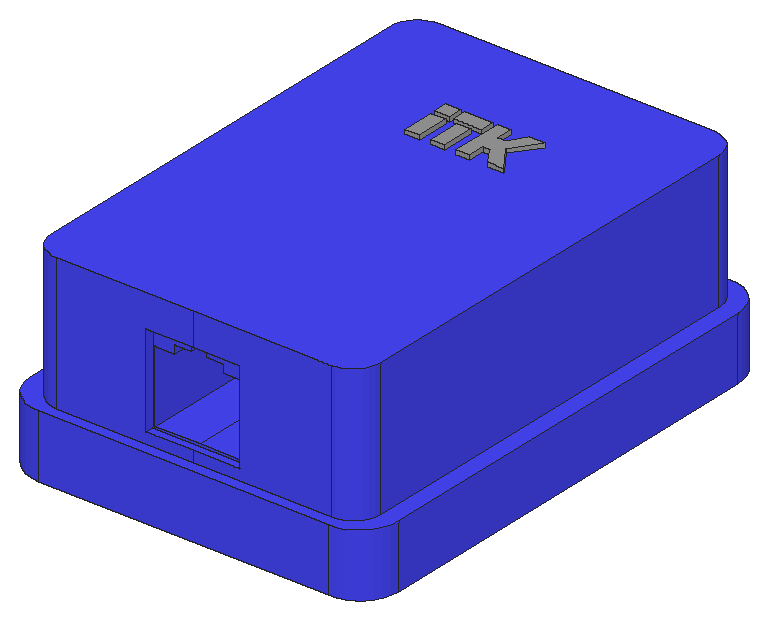
Revit family "ITK_Информационная розетка_1 порт_IP20", category Обобщенные модели, Revit 2019
Family settings
  Может служить основой для арматурных стержней = Нет
  Размер круглого соединителя = Использовать диаметр
  Тип детали = Нормальный
  На основе рабочей плоскости = Нет
  Всегда вертикально = Да
  При загрузке вырезать с полостями = Нет
  Общий = Нет
  Точка расчета площади = Нет
Parameters (values of type "Категория 6_Экранированная")
  Ширина = 47.3 mm  # constant formula
  Степень защиты = "IP20"  # constant formula
  Материал = Нержавеющая сталь
  Изготовитель = "ITK"  # constant formula
  Дата изменения = ""
  Глубина = 64.6 mm  # constant formula
  Высота = 25.5 mm  # constant formula
  URL = "https://www.iek.ru/"
  KSI_CPr_Строительные изделия = ""
  KSI_CMa_Строительные материалы = "01.7.14.03"  # constant formula
  IEK_Цена за единицу = 203.83
  IEK_Поиск в таблице имен = ""
  IEK_Описание = "Стабильная передача данных. Изготовлены из высококачественных негорючих материалов. Надежность и удобство эксплуатации. Соответствие международным стандартам качества."
  IEK_URL = "https://www.itk-group.ru/produktsiya/catalog/oborudovanie_telekommunikatsionnoe/komponenty_sks_mednye/rozetki_adaptery_i_moduli_keystone/moduli_keystone_jack_informatsionnye_rozetki_rozetochnye_korpusa_i_adaptery/informatsionnnye_rozetki/informatsionnnye_rozetki_nastennye_ekranirovanye_ftp/itk_nastennaya_informatsionnaya_rozetka_rj45_kat_6_ftp_1_port"
  ADSK_Примечание = ""
  ADSK_Позиция [instance] = ""
  ADSK_Наименование = "ITK Настенная инф. розетка RJ45 кат. 6 FTP 1-порт"
  ADSK_Материал обозначение = ""
  ADSK_Материал наименование = "Металл и АБС-пластик"
  ADSK_Масса = 0.039
  ADSK_Марка = ""  # constant formula
  ADSK_Код изделия = "CS2-1C06F-12"
  ADSK_Завод-изготовитель = "IEK"  # constant formula
  ADSK_Единица измерения = "шт"  # constant formula
  ADSK_Группирование = "I. ЩИТЫ И ПУЛЬТЫ"  # constant formula
  ADSK_Версия семейства = "1.0"  # constant formula
  ADSK_Версия Revit = "2019"  # constant formula
  ADSK_URL страницы изделия = "https://www.itk-group.ru/produktsiya/catalog/oborudovanie_telekommunikatsionnoe/komponenty_sks_mednye/rozetki_adaptery_i_moduli_keystone/moduli_keystone_jack_informatsionnye_rozetki_rozetochnye_korpusa_i_adaptery/informatsionnnye_rozetki/"
Types (4, lengths in mm): name | Материал | IEK_Цена за единицу | IEK_Описание | IEK_URL | ADSK_Наименование | ADSK_Материал наименование | ADSK_Масса | ADSK_Код изделия
  Категория 5E_Неэкранированная | Окраска - RAL 9005 | 163.27 | "Стабильная передача данных. Изготовлены из высококачественных негорючих материалов. Надежность и удобство эксплуатации. Соответствие международным стандартам качества." | "https://www.itk-group.ru/produktsiya/catalog/oborudovanie_telekommunikatsionnoe/komponenty_sks_mednye/rozetki_adaptery_i_moduli_keystone/moduli_keystone_jack_informatsionnye_rozetki_rozetochnye_korpusa_i_adaptery/informatsionnnye_rozetki/informatsionnnye_rozetki_nastennye_neekranirovanye_utp/itk_nastennaya_informatsionnaya_rozetka_rj45_8p8c_kat_5e_utp_1_port_belaya" | "ITK Настенная инф. розетка RJ45, кат.5Е UTP, 1-порт" | "АБС-пластик" | 0.038 | "CS2-1C5EU-12"
  Категория 6_Неэкранированная | Окраска - RAL 9005 | 183.04 | "Стабильная передача данных. Изготовлены из высококачественных негорючих материалов. Надежность и удобство эксплуатации. Соответствие международным стандартам качества" | "https://www.itk-group.ru/produktsiya/catalog/oborudovanie_telekommunikatsionnoe/komponenty_sks_mednye/rozetki_adaptery_i_moduli_keystone/moduli_keystone_jack_informatsionnye_rozetki_rozetochnye_korpusa_i_adaptery/informatsionnnye_rozetki/informatsionnnye_rozetki_nastennye_neekranirovanye_utp/itk_nastennaya_informatsionnaya_rozetka_rj45_kat_6_utp_1_port" | "ITK Настенная инф. розетка RJ45 кат. 6 UTP 1-порт" | "АБС-пластик" | 0.037 | "CS2-1C06U-12"
  Категория 6_Экранированная | Нержавеющая сталь | 203.83 | "Стабильная передача данных. Изготовлены из высококачественных негорючих материалов. Надежность и удобство эксплуатации. Соответствие международным стандартам качества." | "https://www.itk-group.ru/produktsiya/catalog/oborudovanie_telekommunikatsionnoe/komponenty_sks_mednye/rozetki_adaptery_i_moduli_keystone/moduli_keystone_jack_informatsionnye_rozetki_rozetochnye_korpusa_i_adaptery/informatsionnnye_rozetki/informatsionnnye_rozetki_nastennye_ekranirovanye_ftp/itk_nastennaya_informatsionnaya_rozetka_rj45_kat_6_ftp_1_port" | "ITK Настенная инф. розетка RJ45 кат. 6 FTP 1-порт" | "Металл и АБС-пластик" | 0.039 | "CS2-1C06F-12"
  Категория 5E_Экранированная | Нержавеющая сталь | 179.62 | "Стабильная передача данных. Изготовлены из высококачественных негорючих материалов. Надежность и удобство эксплуатации. Соответствие международным стандартам качества." | "https://www.itk-group.ru/produktsiya/catalog/oborudovanie_telekommunikatsionnoe/komponenty_sks_mednye/rozetki_adaptery_i_moduli_keystone/moduli_keystone_jack_informatsionnye_rozetki_rozetochnye_korpusa_i_adaptery/informatsionnnye_rozetki/informatsionnnye_rozetki_nastennye_ekranirovanye_ftp/itk_nastennaya_informatsionnaya_rozetka_rj45_kat_5e_ftp_1_port" | "ITK Настенная инф. розетка RJ45 кат. 5E FTP 1-порт" | "Металл и АБС-пластик" | 0.038 | "CS2-1C5EF-12"
Reference planes
  plane 1 "По центру (Вперед/Назад)": y = -5.683
  plane 2: z = 0
  plane 3 "По центру (Влево/Вправо)": x = 0
  plane 4: y = 26.617
  plane 5: y = -37.983
  plane 6: x = -23.65
  plane 7: x = 23.65
  plane 8: z = 25.5
Forms (mm)
  Extrusion 1, solid, material "Пластик белый", detail levels fine
    sketch origin (0, 0, 0) x (1, 0, 0) y (0, 1, 0)
      loop
        line (-23.65, 21.419) -> (-23.65, -32.983)
        arc (-23.65, -32.983) -> (-22.186, -36.519) -> (-18.65, -37.983) r 5
        line (-18.65, -37.983) -> (18.65, -37.983)
        arc (18.65, -37.983) -> (22.186, -36.519) -> (23.65, -32.983) r 5
        line (23.65, -32.983) -> (23.65, 21.419)
        arc (23.65, 21.419) -> (22.186, 24.955) -> (18.65, 26.419) r 5
        line (18.65, 26.419) -> (-18.65, 26.419)
        arc (-18.65, 26.419) -> (-22.186, 24.955) -> (-23.65, 21.419) r 5
    from 8.1 to 0
  Extrusion 2, void
    sketch origin (0, 0, 0) x (1, 0, 0) y (0, 1, 0)
      loop
        line (-21.016, 21.391) -> (-21.016, -32.954)
        arc (-21.016, -32.954) -> (-19.983, -35.45) -> (-17.488, -36.483) r 3.529
        line (-17.488, -36.483) -> (-0.469, -36.483) -> (17.752, -36.483)
        arc (17.752, -36.483) -> (20.247, -35.45) -> (21.28, -32.954) r 3.529
        line (21.28, -32.954) -> (21.28, 21.391)
        arc (21.28, 21.391) -> (20.247, 23.886) -> (17.752, 24.919) r 3.529
        line (17.752, 24.919) -> (-17.488, 24.919)
        arc (-17.488, 24.919) -> (-19.983, 23.886) -> (-21.016, 21.391) r 3.529
    from 8.1 to 2
  Extrusion 3, solid, material "Пластик белый", detail levels fine
    sketch origin (0, 0, 0) x (1, 0, 0) y (0, 1, 0)
      loop
        arc (-21.016, -32.954) -> (-19.983, -35.45) -> (-17.488, -36.483) r 3.529
        line (-17.488, -36.483) -> (0.005, -36.483) -> (17.752, -36.483)
        arc (17.752, -36.483) -> (20.247, -35.45) -> (21.28, -32.954) r 3.529
        line (21.28, -32.954) -> (21.28, 21.391)
        arc (21.28, 21.391) -> (20.247, 23.886) -> (17.752, 24.919) r 3.529
        line (17.752, 24.919) -> (-17.488, 24.919)
        arc (-17.488, 24.919) -> (-19.983, 23.886) -> (-21.016, 21.391) r 3.529
        line (-21.016, 21.391) -> (-21.016, -32.954)
    from 2 to 25.5
  Extrusion 4, void
    sketch origin (0, 0, 0) x (1, 0, 0) y (0, 1, 0)
      loop
        line (-18.655, 19.317) -> (-18.655, -30.683)
        arc (-18.655, -30.683) -> (-18.07, -32.097) -> (-16.655, -32.683) r 2
        line (-16.655, -32.683) -> (16.899, -32.683)
        arc (16.899, -32.683) -> (18.313, -32.097) -> (18.899, -30.683) r 2
        line (18.899, -30.683) -> (18.899, 19.317)
        arc (18.899, 19.317) -> (18.313, 20.731) -> (16.899, 21.317) r 2
        line (16.899, 21.317) -> (-16.655, 21.317)
        arc (-16.655, 21.317) -> (-18.07, 20.731) -> (-18.655, 19.317) r 2
    from 2 to 23.5
  Extrusion 5, void
    sketch origin (0, -5.683, 0) x (1, 0, 0) y (0, 0, 1)
      loop
        line (-7.8, 9.5) -> (-7.8, 21.35) -> (-19.9, 21.35) -> (-19.9, 9.5) -> (-7.8, 9.5)
      loop
        line (7.8, 9.5) -> (19.9, 9.5) -> (19.9, 21.35) -> (7.8, 21.35) -> (7.8, 9.5)
    from 27 to 28.5
  Extrusion 6, solid, material "Нержавеющая сталь" <- "Материал", detail levels fine
    sketch origin (13.85, -5.683, 0) x (1, 0, 0) y (0, 0, 1)
      loop
        line (-7.8, 21.35) -> (-19.9, 21.35) -> (-19.9, 9.5) -> (-7.8, 9.5) -> (-7.8, 21.35)
    from -7.773 to 29.8
  Extrusion 7, void
    sketch origin (0, -5.683, 0) x (1, 0, 0) y (0, 0, 1)
      loop
        line (0, 21.092) -> (-0.93, 21.092) -> (-0.93, 20.124) -> (-3.136, 20.124) -> (-3.136, 19.075) -> (-5.691, 19.075) -> (-5.691, 9.742) -> (0, 9.742) -> (5.691, 9.742) -> (5.691, 19.075) -> (3.136, 19.075) -> (3.136, 20.124) -> (0.93, 20.124) -> (0.93, 21.092) -> (0, 21.092)
    from 2 to 31.3
  Extrusion 8, solid, material "Окраска - RAL 9005", detail levels fine
    sketch origin (2.047, -4.201, 25.5) x (1, 0, 0) y (0, 1, 0)
      loop
        line (-8.095, 13.526) -> (-8.095, 9.294) -> (-6.245, 9.294) -> (-6.245, 13.526) -> (-8.095, 13.526)
      loop
        line (-8.095, 14.116) -> (-6.245, 14.116) -> (-6.245, 15.911) -> (-8.095, 15.911) -> (-8.095, 14.116)
      loop
        line (-1.493, 15.911) -> (-1.493, 9.294) -> (0.251, 9.294) -> (0.251, 11.342) -> (1.2, 11.342) -> (2.53, 9.294) -> (4.655, 9.294) -> (2.247, 12.608) -> (4.655, 15.911) -> (2.53, 15.911) -> (1.2, 13.863) -> (0.251, 13.863) -> (0.251, 15.911) -> (-1.493, 15.911)
      loop
        line (-5.717, 14.116) -> (-2.094, 14.116) -> (-2.094, 15.911) -> (-5.717, 15.911) -> (-5.717, 14.116)
      loop
        line (-4.813, 13.526) -> (-4.813, 9.294) -> (-2.963, 9.294) -> (-2.963, 13.526) -> (-4.813, 13.526)
    from 0 to 0.554
  Extrusion 9, solid, material "Условный материал-отделка", detail levels coarse+medium
    sketch origin (0, 0, 0) x (1, 0, 0) y (0, 1, 0)
      loop
        line (-23.65, 26.617) -> (-23.65, -37.983) -> (23.65, -37.983) -> (23.65, 26.617) -> (-23.65, 26.617)
    from 0 to 25.5
  Extrusion 10, void
    sketch origin (0, -5.683, 0) x (1, 0, 0) y (0, 0, 1)
      loop
        line (6.05, 21.35) -> (-6.05, 21.35) -> (-6.05, 9.5) -> (6.05, 9.5) -> (6.05, 21.35)
    from 0 to 31.3
  Extrusion 11, void
    sketch origin (0, -5.683, 0) x (1, 0, 0) y (0, 0, 1)
      loop
        line (0, 7.473) -> (3.013, 7.473) -> (3.013, 13.474)
        arc (3.013, 13.474) -> (0, 16.486) -> (-3.013, 13.474) r 3.013
        line (-3.013, 13.474) -> (-3.013, 7.473) -> (0, 7.473)
    from 0 to -36.921
Cuts and joins
  Extrusion 2, Extrusion 4 cuts Extrusion 1
  Extrusion 4, Extrusion 5, Extrusion 7, Extrusion 10, Extrusion 11 cuts Extrusion 3
  Extrusion 7, Extrusion 11 cuts Extrusion 6
  Extrusion 11 cuts Extrusion 9
Dimensions and locks
  equal spacing: plane 4, plane 1 "По центру (Вперед/Назад)", plane 5
  plane 6 to plane 3 "По центру (Влево/Вправо)" to plane 7 = 23.65 mm, 23.65 mm
  "Ширина": plane 6 to plane 7
  "Высота": plane 8 to level
  "Глубина": plane 4 to plane 5
  aligned and locked: level to plane 2
  aligned and locked: Extrusion 1 to plane 5
  aligned and locked: Extrusion 5 to cut or joined group of Extrusion 3, Extrusion 4, Extrusion 5, Extrusion 7, Extrusion 10, Extrusion 11
  aligned and locked: Extrusion 6 sketch curve to cut or joined group of Extrusion 3, Extrusion 4, Extrusion 5, Extrusion 7, Extrusion 10, Extrusion 11
  aligned and locked: cut or joined group of Extrusion 3, Extrusion 4, Extrusion 5, Extrusion 7, Extrusion 10, Extrusion 11 to Extrusion 6 sketch curve
  aligned and locked: Extrusion 1 to plane 6
Automatic sketch dimensions
  Extrusion 1 sketch curve to plane 5 = 0 mm
  Extrusion 1 sketch curve to plane 4 = 5.197 mm  (x2)
  Extrusion 1 sketch curve to plane 3 "По центру (Влево/Вправо)" = 23.65 mm
  Extrusion 1 sketch curve to plane 4 = 0.197 mm
  Extrusion 1 sketch curve to Extrusion 1 sketch curve = 5 mm
  plane 3 "По центру (Влево/Вправо)" to Extrusion 1 sketch curve = 18.65 mm  (x2)
  plane 5 to Extrusion 2 sketch curve = 5.029 mm  (x2)
  Extrusion 2 sketch curve to plane 3 "По центру (Влево/Вправо)" = 21.016 mm
  Extrusion 2 sketch curve to Extrusion 2 sketch curve = 3.529 mm  (x2)
  Extrusion 2 sketch curve to plane 3 "По центру (Влево/Вправо)" = 0.469 mm
  Extrusion 2 sketch curve to plane 4 = 5.226 mm
  plane 3 "По центру (Влево/Вправо)" to Extrusion 2 sketch curve = 17.752 mm  (x2)
  Extrusion 3 sketch curve to Extrusion 3 sketch curve = 3.529 mm  (x4)
  plane 3 "По центру (Влево/Вправо)" to Extrusion 3 sketch curve = 0.005 mm
  plane 5 to Extrusion 3 sketch curve = 5.029 mm
  level to Extrusion 5 sketch curve = 9.5 mm  (x2)
  Extrusion 5 sketch curve to plane 3 "По центру (Влево/Вправо)" = 19.9 mm
  Extrusion 5 sketch curve to plane 3 "По центру (Влево/Вправо)" = 7.8 mm
  plane 3 "По центру (Влево/Вправо)" to Extrusion 5 sketch curve = 7.8 mm
  Extrusion 5 sketch curve to Extrusion 5 sketch curve = 12.1 mm
  Extrusion 5 sketch curve to Extrusion 5 sketch curve = 11.85 mm  (x2)
  level to Extrusion 7 sketch curve = 9.742 mm
  Extrusion 7 sketch curve to plane 3 "По центру (Влево/Вправо)" = 5.691 mm
  Extrusion 7 sketch curve to Extrusion 7 sketch curve = 2.555 mm
  Extrusion 7 sketch curve to Extrusion 7 sketch curve = 2.205 mm  (x2)
  Extrusion 7 sketch curve to Extrusion 7 sketch curve = 0.93 mm  (x2)
  Extrusion 7 sketch curve to Extrusion 7 sketch curve = 5.691 mm  (x2)
  Extrusion 7 sketch curve to Extrusion 7 sketch curve = 9.333 mm
  Extrusion 7 sketch curve to Extrusion 7 sketch curve = 0 mm
  Extrusion 7 sketch curve to Extrusion 7 sketch curve = 1.049 mm  (x2)
  Extrusion 7 sketch curve to Extrusion 7 sketch curve = 0.968 mm
  Extrusion 8 sketch curve to plane 3 "По центру (Влево/Вправо)" = 6.048 mm
  Extrusion 8 sketch curve to Extrusion 8 sketch curve = 0 mm  (x8)
  Extrusion 8 sketch curve to Extrusion 8 sketch curve = 1.85 mm
  Extrusion 8 sketch curve to Extrusion 8 sketch curve = 0.528 mm
  Extrusion 8 sketch curve to Extrusion 8 sketch curve = 0.904 mm
  Extrusion 8 sketch curve to plane 3 "По центру (Влево/Вправо)" = 0.916 mm
  Extrusion 8 sketch curve to plane 3 "По центру (Влево/Вправо)" = 0.047 mm
  plane 3 "По центру (Влево/Вправо)" to Extrusion 8 sketch curve = 0.554 mm
  Extrusion 8 sketch curve to Extrusion 8 sketch curve = 1.744 mm  (x2)
  Extrusion 8 sketch curve to Extrusion 8 sketch curve = 0.948 mm  (x2)
  Extrusion 8 sketch curve to Extrusion 8 sketch curve = 1.047 mm
  Extrusion 8 sketch curve to Extrusion 8 sketch curve = 2.278 mm  (x2)
  Extrusion 8 sketch curve to Extrusion 8 sketch curve = 2.125 mm  (x2)
  Extrusion 8 sketch curve to plane 1 "По центру (Вперед/Назад)" = 10.776 mm
  Extrusion 8 sketch curve to Extrusion 8 sketch curve = 2.048 mm  (x2)
  Extrusion 8 sketch curve to Extrusion 8 sketch curve = 1.266 mm
  Extrusion 8 sketch curve to Extrusion 8 sketch curve = 2.184 mm
  Extrusion 8 sketch curve to Extrusion 8 sketch curve = 1.255 mm
  Extrusion 8 sketch curve to Extrusion 8 sketch curve = 0.59 mm
  Extrusion 8 sketch curve to Extrusion 8 sketch curve = 1.795 mm  (x2)
  plane 6 to Extrusion 3 sketch curve = 6.162 mm
  Extrusion 3 sketch curve to plane 7 = 5.898 mm
  Extrusion 3 sketch curve to plane 4 = 5.226 mm
  Extrusion 9 sketch curve to plane 5 = 0 mm
  Extrusion 9 sketch curve to plane 6 = 0 mm
  Extrusion 9 sketch curve to plane 7 = 0 mm
  Extrusion 9 sketch curve to plane 4 = 0 mm
  Extrusion 6 sketch curve to plane 3 "По центру (Влево/Вправо)" = 6.05 mm
  plane 3 "По центру (Влево/Вправо)" to Extrusion 6 sketch curve = 6.05 mm
  Extrusion 10 sketch curve to plane 3 "По центру (Влево/Вправо)" = 6.05 mm
  plane 3 "По центру (Влево/Вправо)" to Extrusion 10 sketch curve = 6.05 mm
  level to Extrusion 10 sketch curve = 9.5 mm
  plane 8 to Extrusion 10 sketch curve = 4.15 mm
  Extrusion 11 sketch curve to plane 3 "По центру (Влево/Вправо)" = 0 mm  (x2)
  plane 3 "По центру (Влево/Вправо)" to Extrusion 11 sketch curve = 3.013 mm
  level to Extrusion 11 sketch curve = 7.473 mm
  Extrusion 11 sketch curve to Extrusion 11 sketch curve = 6.001 mm
